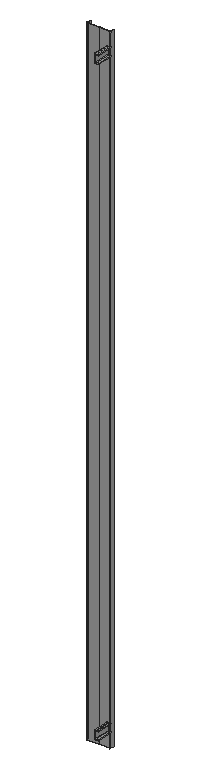
Revit family "ITK_Органайзер-хомут вертикальный_42U_ 70x12мм_Серый", category Обобщенные модели, Revit 2019
Family settings
  Может служить основой для арматурных стержней = Нет
  Размер круглого соединителя = Использовать диаметр
  Тип детали = Нормальный
  На основе рабочей плоскости = Нет
  Всегда вертикально = Да
  При загрузке вырезать с полостями = Нет
  Общий = Нет
  Точка расчета площади = Нет
Parameters (values of type "CM35-070-42U-Z")
  Ширина = 70 mm
  Степень защиты = ""
  Материал = Окраска - RAL 7035
  Изготовитель = "ITK"  # constant formula
  Дата изменения = ""
  Глубина = 12 mm
  Высота = 1867 mm
  Тип монтажа = "Установка на захваты"  # constant formula
  URL = "https://www.iek.ru/"
  KSI_CPr_Строительные изделия = "61.1.04.08"  # constant formula
  KSI_CMa_Строительные материалы = "10.03.02.06"  # constant formula
  IEK_Цена за единицу = 1248.64
  IEK_Поиск в таблице имен = ""
  IEK_Описание = "Широкий ассортимент видов и исполнений.\r\nСовместимы со всеми 19\" шкафами и стойками ITK.\r\nСовременный привлекательный дизайн и продуманная конструкция.\r\nУдобны в монтаже и эксплуатации.\r\nСоответствие российским и международным стандартам.\r\nОбеспечивают эффективное использование монтажного пространства шкафа.\r\nВсе органайзеры идут с крепежом.\r\nПоставляются в качественной компактной упаковке."
  IEK_URL = "https://www.itk-group.ru/produktsiya/catalog/oborudovanie_telekommunikatsionnoe/shkafy_telekommunikatsionnye/komplektuyushchie_i_aksessuary_dlya_shkafov_i_stoek/zakaznaya_produktsiya/itk_organayzer_khomut_vertikalnyy_42u_70x12mm_s_krepezhom_seryy"
  ADSK_Примечание = ""
  ADSK_Позиция [instance] = ""
  ADSK_Наименование = "ITK Органайзер-хомут вертикальный 42U 70x12мм с крепежом сер"
  ADSK_Материал обозначение = ""
  ADSK_Материал наименование = "Листовая сталь"  # constant formula
  ADSK_Масса = 1.5
  ADSK_Марка = ""
  ADSK_Код изделия = "CM35-070-42U-Z"
  ADSK_Завод-изготовитель = "IEK"  # constant formula
  ADSK_Единица измерения = "шт"  # constant formula
  ADSK_Группирование = "I. ЩИТЫ И ПУЛЬТЫ"  # constant formula
  ADSK_Версия семейства = "1.0"  # constant formula
  ADSK_Версия Revit = "2019"  # constant formula
  ADSK_URL страницы изделия = "https://www.itk-group.ru/produktsiya/catalog/oborudovanie_telekommunikatsionnoe/shkafy_telekommunikatsionnye/komplektuyushchie_i_aksessuary_dlya_shkafov_i_stoek/zakaznaya_produktsiya/"
Reference planes
  plane 1 "По центру (Вперед/Назад)": y = 0
  plane 2: z = 0
  plane 3 "По центру (Влево/Вправо)": x = 0
  plane 4: y = 6
  plane 5: y = -6
  plane 6: x = -35
  plane 7: x = 35
  plane 8: z = 1867
  plane 9: z = 40
  plane 10: z = 1827
Forms (mm)
  Extrusion 1, solid, material "Окраска - RAL 7035" <- "Материал", detail levels fine
    sketch origin (0, 0, 0) x (1, 0, 0) y (0, 1, 0)
      loop
        line (-35, 6) -> (-35, -3.998)
        arc (-35, -3.998) -> (-34.414, -5.414) -> (-32.998, -6) r 2.002
        line (-32.998, -6) -> (0, -6) -> (32.998, -6)
        arc (32.998, -6) -> (34.414, -5.414) -> (35, -3.998) r 2.002
        line (35, -3.998) -> (35, 6) -> (33.019, 6) -> (33.019, -2)
        arc (33.019, -2) -> (32.433, -3.414) -> (31.018, -4) r 2
        line (31.018, -4) -> (0, -4) -> (-31.018, -4)
        arc (-31.018, -4) -> (-32.433, -3.414) -> (-33.019, -2) r 2
        line (-33.019, -2) -> (-33.019, 6) -> (-35, 6)
    from 0 to 1867 <- "Высота"
  Extrusion 2, solid, material "Условный материал-отделка", detail levels coarse+medium
    sketch origin (0, 0, 0) x (1, 0, 0) y (0, 1, 0)
      loop
        line (-35, 6) -> (-35, -6) -> (35, -6) -> (35, 6) -> (-35, 6)
    from 0 to 1867 <- "Высота"
  Extrusion 3, solid, material "Окраска - RAL 7035" <- "Материал", detail levels fine
    sketch origin (0, 0, 0) x (1, 0, 0) y (0, 0, 1)
      loop
        line (35, 1827) -> (25.959, 1827)
        arc (25.959, 1827) -> (25.281, 1826.719) -> (25, 1826.041) r 0.959
        line (25, 1826.041) -> (25, 1803.033)
        arc (25, 1803.033) -> (25.303, 1802.303) -> (26.033, 1802) r 1.033
        line (26.033, 1802) -> (35, 1802) -> (35, 1804.031) -> (28.069, 1804.031)
        arc (28.069, 1804.031) -> (27.327, 1804.339) -> (27.019, 1805.081) r 1.05
        line (27.019, 1805.081) -> (27.019, 1823.95)
        arc (27.019, 1823.95) -> (27.326, 1824.69) -> (28.066, 1824.997) r 1.046
        line (28.066, 1824.997) -> (35, 1824.997) -> (35, 1827)
      loop
        line (35, 65) -> (25.959, 65)
        arc (25.959, 65) -> (25.281, 64.719) -> (25, 64.041) r 0.959
        line (25, 64.041) -> (25, 41.033)
        arc (25, 41.033) -> (25.303, 40.303) -> (26.033, 40) r 1.033
        line (26.033, 40) -> (35, 40) -> (35, 42.031) -> (28.069, 42.031)
        arc (28.069, 42.031) -> (27.327, 42.339) -> (27.019, 43.081) r 1.05
        line (27.019, 43.081) -> (27.019, 61.95)
        arc (27.019, 61.95) -> (27.326, 62.69) -> (28.066, 62.997) r 1.046
        line (28.066, 62.997) -> (35, 62.997) -> (35, 65)
    from 5 to 50
Dimensions and locks
  equal spacing: plane 6, plane 3 "По центру (Влево/Вправо)", plane 7
  "Ширина": plane 6 to plane 7
  equal spacing: plane 4, plane 1 "По центру (Вперед/Назад)", plane 5
  "Глубина": plane 4 to plane 5
  "Высота": plane 8 to level
  locked: plane 8 to plane 10 at 40
  locked: plane 9 to level at 40
  aligned and locked: level to plane 2
  aligned and locked: plane 5 to Extrusion 2 sketch curve
  aligned and locked: Extrusion 2 sketch curve to plane 7
Automatic sketch dimensions
  Extrusion 1 sketch curve to plane 6 = 0 mm
  Extrusion 1 sketch curve to plane 4 = 0 mm  (x2)
  Extrusion 1 sketch curve to plane 5 = 0 mm
  Extrusion 1 sketch curve to plane 3 "По центру (Влево/Вправо)" = 0 mm  (x2)
  Extrusion 1 sketch curve to plane 7 = 0 mm
  plane 6 to Extrusion 1 sketch curve = 1.981 mm
  plane 6 to Extrusion 1 sketch curve = 2.002 mm
  Extrusion 1 sketch curve to Extrusion 1 sketch curve = 2 mm
  Extrusion 1 sketch curve to plane 7 = 3.982 mm
  Extrusion 1 sketch curve to Extrusion 1 sketch curve = 1.98 mm
  Extrusion 1 sketch curve to Extrusion 1 sketch curve = 1.981 mm
  Extrusion 1 sketch curve to Extrusion 1 sketch curve = 0.002 mm
  Extrusion 2 sketch curve to plane 6 = 0 mm
  Extrusion 2 sketch curve to plane 4 = 0 mm
  Extrusion 3 sketch curve to plane 10 = 0 mm
  Extrusion 3 sketch curve to plane 9 = 0 mm
  Extrusion 3 sketch curve to plane 7 = 0 mm  (x4)
  Extrusion 3 sketch curve to Extrusion 3 sketch curve = 6.931 mm
  plane 9 to Extrusion 3 sketch curve = 3.081 mm
  Extrusion 3 sketch curve to plane 7 = 6.931 mm
  Extrusion 3 sketch curve to plane 10 = 2.003 mm
  Extrusion 3 sketch curve to Extrusion 3 sketch curve = 6.934 mm
  Extrusion 3 sketch curve to plane 7 = 6.934 mm
  Extrusion 3 sketch curve to Extrusion 3 sketch curve = 1.046 mm
  Extrusion 3 sketch curve to Extrusion 3 sketch curve = 1.05 mm
  Extrusion 3 sketch curve to Extrusion 3 sketch curve = 2.036 mm  (x2)
  plane 9 to Extrusion 3 sketch curve = 1.033 mm
  Extrusion 3 sketch curve to Extrusion 3 sketch curve = 0.959 mm
  Extrusion 3 sketch curve to plane 10 = 0.959 mm
  Extrusion 3 sketch curve to Extrusion 3 sketch curve = 1.06 mm
  Extrusion 3 sketch curve to Extrusion 3 sketch curve = 18.869 mm
  Extrusion 3 sketch curve to Extrusion 3 sketch curve = 2.091 mm
  Extrusion 3 sketch curve to Extrusion 3 sketch curve = 22.997 mm
  Extrusion 3 sketch curve to Extrusion 3 sketch curve = 2.031 mm
